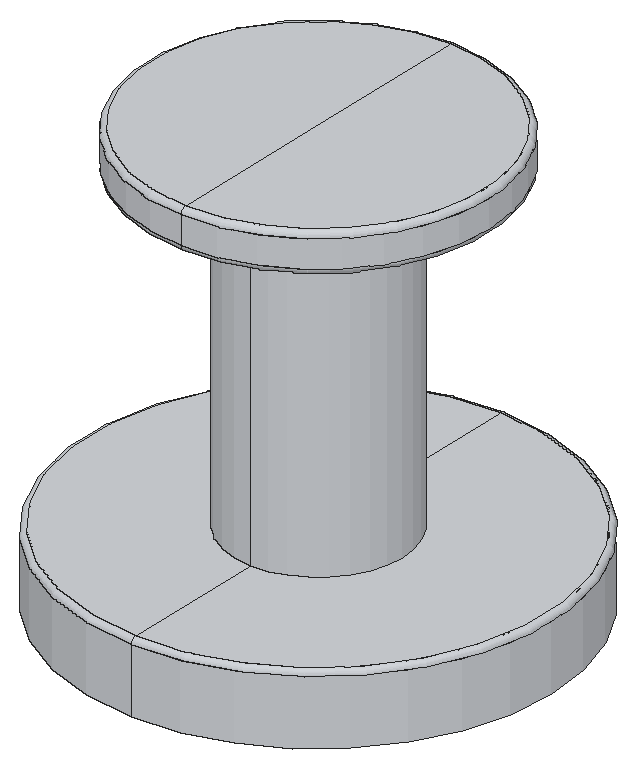
Revit family "Accessory-Robe_Hook-KOHLER-STILLNESS-K-14458T", category Specialty Equipment, host Face, Revit 2017
Family settings
  Host = Face
  Round Connector Dimension = Use Diameter
  Part Type = Normal
  OmniClass Number = 23.31.25.27
  OmniClass Title = Robe Hooks
  Cut with Voids When Loaded = No
  Shared = No
  Room Calculation Point = No
Parameters (values of type "CP-Polished Chrome")
  Width = 1 57/64"  # constant formula
  WaterSense Certified = 1 = 0  # no
  URL = "http://www.kohler.com.cn/"
  Type = 1
  Product Page URL = "https://www.kohler.com.cn/product/K-14458T-CP/K-14458T-CP/"
  Product Name = "STILLNESS"  # constant formula
  Product Documentation Link = "https://files.kohler.com.cn/pdfs/stillness.pdf"
  Model = if(Type = 1, "K-14458T-CP", if(Type = 2, "K-14458T-BN", if(Type = 3, "K-14458T-PGD", if(Type = 4, "K-14458T-RGD", "NA"))))  # "K-14458T-CP"
  Material = "Brass Construction"  # constant formula
  Master Format 2014 Name = "Toilet, Bath, and Laundry Accessories"  # constant formula
  Master Format 2014 = "10 28 00"  # constant formula
  Manufacturer Address = "158 Jiangchang 3rd Road Zhabei District Shanghai, 200436 China"  # constant formula
  Manufacturer = "KOHLER Co."  # constant formula
  Length = 1 57/64"  # constant formula
  Height = 1 187/256"  # constant formula
  Finish = Kohler-Metal-CP-Polished_Chrome
  Environmental Product Declaration = ""
  Description = "Single hook"  # constant formula
  Default Elevation = 42"
  Declare Label = ""
  Date Modified = "06/17/2020"  # constant formula
  Date Created = "06/17/2020"  # constant formula
  Copyright = "Copyright KOHLER Co."  # constant formula
  Contact Us = "http://www.kohler.com.cn/en/contact/contact-us/"
  Assembly Code = "C1030200"
  ADA Compliant = 1 = 0  # no
Types (5): name | Type | Product Page URL | Model | Finish
  (no name) | 1 | "https://www.kohler.com.cn/product/K-14458T-CP/K-14458T-CP/" | "K-14458T-CP" | Kohler-Metal-CP-Polished_Chrome
  CP-Polished Chrome | 1 | "https://www.kohler.com.cn/product/K-14458T-CP/K-14458T-CP/" | "K-14458T-CP" | Kohler-Metal-CP-Polished_Chrome
  BN-Roman Silver | 2 | "https://www.kohler.com.cn/product/K-14458T-CP/K-14458T-BN/" | "K-14458T-BN" | Kohler-Metal-BN-Roman_Silver
  PGD-Eternal Gold | 3 | "https://www.kohler.com.cn/product/K-14458T-CP/K-14458T-PGD/" | "K-14458T-PGD" | Kohler-Metal-PGD-Eternal_Gold
  RGD-Rose Gold | 4 | "https://www.kohler.com.cn/product/K-14458T-CP/K-14458T-RGD/" | "K-14458T-RGD" | Kohler-Metal-RGD-Rose_Gold
Reference planes (in)
  plane 1 "Center (Front/Back)": y = 0
  plane 2: z = 0
  plane 3 "Center (Left/Right)": x = 0
  plane 4: x = -0.94488
  plane 5: x = 0.94574
  plane 6: x = -0.68898
  plane 7: x = 0.68898
  plane 8: y = 0.94488
  plane 9: y = -0.94574
  plane 10: y = 0.68898
  plane 11: y = -0.68898
  plane 12: z = 1.73047
  plane 13: z = 1.56127
  plane 14: z = 0.2805
Dimensions and locks (in)
  "Width": plane 4 to plane 5
  locked: plane 6 to plane 7 at 1.37795
  "Length": plane 9 to plane 8
  "Height": level to plane 12
  aligned and locked: plane 2 to host face
  aligned and locked: level to host face
  aligned and locked: plane 3 "Center (Left/Right)" to nested 1
  aligned and locked: plane 1 "Center (Front/Back)" to nested 1
Automatic sketch dimensions
  host sketch curve to host sketch curve = 96"  (x2)
Nested families (in)
  nested 1: "K-14458T" at (0, 0, 0), type "K-14458T"
Definition of nested family "K-14458T"
  Parameters (values of type "K-14458T")
    Finish = none
  Reference planes (in)
    plane 1 "Center (Front/Back)": y = 0
    plane 2: z = 0
    plane 3 "Center (Left/Right)": x = 0
    plane 4: x = -0.94488
    plane 5: z = 1.73228
    plane 6: x = 0.94488
    plane 7: y = 0.94488
    plane 8: y = -0.94488
    plane 9: x = -0.68898
    plane 10: x = 0.68898
    plane 11: y = 0.68898
    plane 12: y = -0.68898
    plane 13: z = 0.2805
    plane 14: z = 1.56127
  Forms (in)
    Revolve 1, solid, material <- "Finish", detail levels medium+fine
      sketch origin (0, 0, 0) x (0, 1, 0) y (0, 0, 1)
        loop
          line (-0.33878, 1.56127) -> (-0.33878, 0.2805) -> (-0.9162, 0.2805)
          arc (-0.9162, 0.2805) -> (-0.93126, 0.27426) -> (-0.9375, 0.2592) r 0.0213
          line (-0.9375, 0.2592) -> (-0.9375, 0) -> (0, 0) -> (0, 1.71875) -> (-0.66406, 1.71875)
          arc (-0.66406, 1.71875) -> (-0.68064, 1.71189) -> (-0.6875, 1.69531) r 0.02344
          line (-0.6875, 1.69531) -> (-0.6875, 1.58471)
          arc (-0.6875, 1.58471) -> (-0.68064, 1.56813) -> (-0.66406, 1.56127) r 0.02344
          line (-0.66406, 1.56127) -> (-0.33878, 1.56127)
        axis (0, 1.71875) -> (0, 0)
      angle from 0 to 360
    Revolve 2, solid, material <- "Finish", detail levels coarse
      sketch origin (0, 0, 0) x (0, 1, 0) y (0, 0, 1)
        loop
          line (0, 0) -> (0.9375, 0) -> (0.9375, 0.2805) -> (0.33878, 0.2805) -> (0.33878, 1.56127) -> (0.6875, 1.56127) -> (0.6875, 1.71875) -> (0, 1.71875) -> (0, 0)
        axis (0, 1.71875) -> (0, 0)
      angle from 0 to 360
  Lines and regions (in)
    Masking region 1
      outline origin (0, 0, 0) x (1, 0, 0) y (0, 1, 0)
        loop
          arc (-0.94488, 0) -> (-0.66813, -0.66813) -> (0, -0.94488) r 0.94488
          arc (0, -0.94488) -> (0.66813, -0.66813) -> (0.94488, 0) r 0.94488
          arc (0.94488, 0) -> (0.66813, 0.66813) -> (0, 0.94488) r 0.94488
          arc (0, 0.94488) -> (-0.66813, 0.66813) -> (-0.94488, 0) r 0.94488
    Masking region 2
      outline origin (0, 0, 0) x (0, 1, 0) y (0, 0, 1)
        loop
          line (0.94488, 0) -> (0.94488, 0.25396)
          arc (0.94488, 0.25396) -> (0.93711, 0.27273) -> (0.91834, 0.2805) r 0.02654
          line (0.91834, 0.2805) -> (0.33878, 0.2805) -> (0.33878, 1.56127) -> (0.66437, 1.56127)
          arc (0.66437, 1.56127) -> (0.68177, 1.56848) -> (0.68898, 1.58587) r 0.0246
          line (0.68898, 1.58587) -> (0.68898, 1.70734)
          arc (0.68898, 1.70734) -> (0.68167, 1.72498) -> (0.66404, 1.73228) r 0.02494
          line (0.66404, 1.73228) -> (-0.66404, 1.73228)
          arc (-0.66404, 1.73228) -> (-0.68167, 1.72498) -> (-0.68898, 1.70734) r 0.02494
          line (-0.68898, 1.70734) -> (-0.68898, 1.58587)
          arc (-0.68898, 1.58587) -> (-0.68177, 1.56848) -> (-0.66437, 1.56127) r 0.0246
          line (-0.66437, 1.56127) -> (-0.33878, 1.56127) -> (-0.33878, 0.2805) -> (-0.91834, 0.2805)
          arc (-0.91834, 0.2805) -> (-0.93711, 0.27273) -> (-0.94488, 0.25396) r 0.02654
          line (-0.94488, 0.25396) -> (-0.94488, 0) -> (0, 0) -> (0.94488, 0)
    Masking region 3
      outline origin (0, 0, 0) x (1, 0, 0) y (0, 0, 1)
        loop
          line (-0.94488, 0) -> (0, 0) -> (0.94488, 0) -> (0.94488, 0.25821)
          arc (0.94488, 0.25821) -> (0.93835, 0.27397) -> (0.92259, 0.2805) r 0.02229
          line (0.92259, 0.2805) -> (0.33878, 0.2805) -> (0.33878, 1.56127) -> (0.66579, 1.56127)
          arc (0.66579, 1.56127) -> (0.68218, 1.56806) -> (0.68898, 1.58446) r 0.02319
          line (0.68898, 1.58446) -> (0.68898, 1.71093)
          arc (0.68898, 1.71093) -> (0.68272, 1.72603) -> (0.66762, 1.73228) r 0.02136
          line (0.66762, 1.73228) -> (-0.66762, 1.73228)
          arc (-0.66762, 1.73228) -> (-0.68272, 1.72603) -> (-0.68898, 1.71093) r 0.02136
          line (-0.68898, 1.71093) -> (-0.68898, 1.58446)
          arc (-0.68898, 1.58446) -> (-0.68218, 1.56806) -> (-0.66579, 1.56127) r 0.02319
          line (-0.66579, 1.56127) -> (-0.33878, 1.56127) -> (-0.33878, 0.2805) -> (-0.92259, 0.2805)
          arc (-0.92259, 0.2805) -> (-0.93835, 0.27397) -> (-0.94488, 0.25821) r 0.02229
          line (-0.94488, 0.25821) -> (-0.94488, 0)
    symbolic lines, detail levels medium+fine
      curve 1: line (0, -0.33878, 0.2805) -> (0, 0.33878, 0.2805)
      curve 2: line (-0.33878, 0, 0.2805) -> (0.33878, 0, 0.2805)
      curve 3: line (-0.33878, 0, 1.56127) -> (0.33878, 0, 1.56127)
      curve 4: line (0, 0.33878, 1.56127) -> (0, -0.33878, 1.56127)
      curve 5: circle (0, 0, 0) r 0.68898 normal (0, 0, 1)
  Dimensions and locks (in)
    plane 9 to plane 10 = 1.37795"
    plane 5 to level = 1.73228"
    locked: plane 7 to plane 8 at 1.88976
    locked: plane 4 to plane 6 at 1.88976
    aligned and locked: level to plane 2
